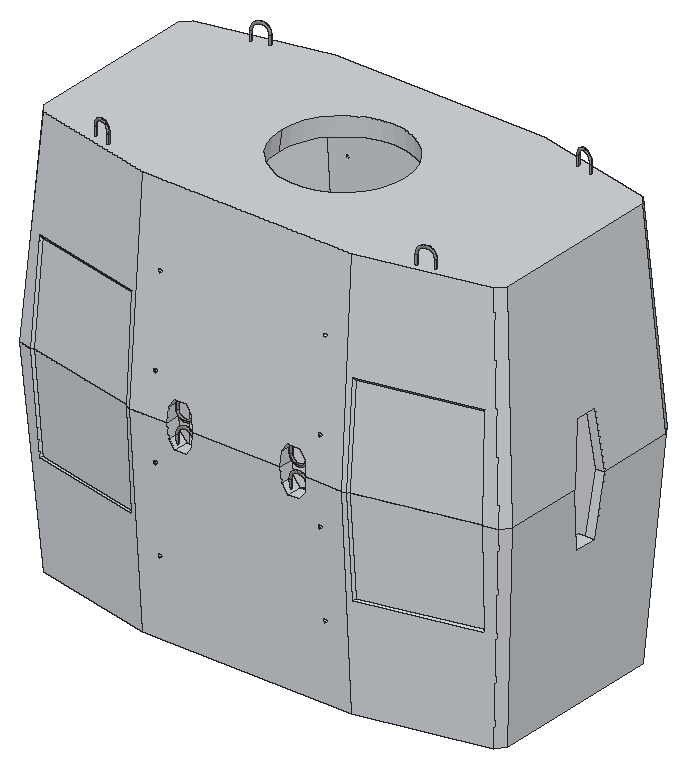
Revit family "110101-00064  Колодец ККСр-4-80 ГЕК-ССД", category Обобщенные модели, Revit 2019 (continued)
Definition of nested family "110101-00061  Колодец ККСр-4-80ВВерх"
  Automatic sketch dimensions
    Sweep 26 sketch curve to plane 1 "По центру (Вперед/Назад)" = 612.871 mm
    Blend 27 sketch curve to Blend 27 sketch curve = 10.53 mm  (x2)
    Blend 27 sketch curve to Blend 27 sketch curve = 558.94 mm
    Blend 27 sketch curve to Blend 27 sketch curve = 487.168 mm
    Blend 27 sketch curve to Blend 27 sketch curve = 10.314 mm  (x2)
    Blend 27 sketch curve to Blend 27 sketch curve = 539.372 mm
    Blend 27 sketch curve to Blend 27 sketch curve = 477.168 mm
    Blend 28 sketch curve to Blend 28 sketch curve = 10.53 mm  (x2)
    Blend 28 sketch curve to Blend 28 sketch curve = 558.94 mm
    Blend 28 sketch curve to Blend 28 sketch curve = 487.168 mm
    Blend 28 sketch curve to Blend 28 sketch curve = 10.314 mm  (x2)
    Blend 28 sketch curve to Blend 28 sketch curve = 539.372 mm
    Blend 28 sketch curve to Blend 28 sketch curve = 477.168 mm
    Blend 29 sketch curve to Blend 29 sketch curve = 10.53 mm  (x2)
    Blend 29 sketch curve to Blend 29 sketch curve = 558.94 mm
    Blend 29 sketch curve to Blend 29 sketch curve = 487.168 mm
    Blend 29 sketch curve to Blend 29 sketch curve = 10.314 mm  (x2)
    Blend 29 sketch curve to Blend 29 sketch curve = 539.372 mm
    Blend 29 sketch curve to Blend 29 sketch curve = 477.168 mm
    plane 1 "По центру (Вперед/Назад)" to Extrusion 30 sketch curve = 46.629 mm
    plane 1 "По центру (Вперед/Назад)" to Extrusion 30 sketch curve = 70.598 mm
    plane 1 "По центру (Вперед/Назад)" to Extrusion 30 sketch curve = 78.157 mm
    Extrusion 30 sketch curve to Extrusion 30 sketch curve = 160.575 mm
    Extrusion 30 sketch curve to Extrusion 30 sketch curve = 189.872 mm
    Extrusion 30 sketch curve to Extrusion 30 sketch curve = 183.273 mm
    Extrusion 30 sketch curve to Extrusion 30 sketch curve = 256.727 mm
    plane 1 "По центру (Вперед/Назад)" to Extrusion 31 sketch curve = 46.629 mm
    plane 1 "По центру (Вперед/Назад)" to Extrusion 31 sketch curve = 70.598 mm
    plane 1 "По центру (Вперед/Назад)" to Extrusion 31 sketch curve = 78.157 mm
    Extrusion 31 sketch curve to Extrusion 31 sketch curve = 160.575 mm
    Extrusion 31 sketch curve to Extrusion 31 sketch curve = 189.872 mm
    Extrusion 31 sketch curve to Extrusion 31 sketch curve = 256.727 mm
    Extrusion 31 sketch curve to Extrusion 31 sketch curve = 183.273 mm
    Extrusion 32 sketch curve to level = 0 mm
    Extrusion 32 sketch curve to plane 3 "По центру (Влево/Вправо)" = 212 mm
    level to Extrusion 32 sketch curve = 70 mm  (x2)
    Extrusion 32 sketch curve to Extrusion 32 sketch curve = 5 mm  (x2)
    Extrusion 32 sketch curve to Extrusion 32 sketch curve = 30 mm  (x2)
    level to Extrusion 32 sketch curve = 110 mm
    Extrusion 32 sketch curve to Extrusion 32 sketch curve = 55 mm
    Extrusion 33 sketch curve to level = 0 mm
    Extrusion 33 sketch curve to plane 3 "По центру (Влево/Вправо)" = 212 mm
    level to Extrusion 33 sketch curve = 70 mm  (x2)
    Extrusion 33 sketch curve to Extrusion 33 sketch curve = 5 mm  (x2)
    Extrusion 33 sketch curve to Extrusion 33 sketch curve = 30 mm  (x2)
    level to Extrusion 33 sketch curve = 110 mm
    Extrusion 33 sketch curve to Extrusion 33 sketch curve = 55 mm
    Extrusion 34 sketch curve to level = 0 mm
    plane 3 "По центру (Влево/Вправо)" to Extrusion 34 sketch curve = 212 mm
    level to Extrusion 34 sketch curve = 70 mm  (x2)
    Extrusion 34 sketch curve to Extrusion 34 sketch curve = 5 mm  (x2)
    Extrusion 34 sketch curve to Extrusion 34 sketch curve = 30 mm  (x2)
    level to Extrusion 34 sketch curve = 110 mm
    Extrusion 34 sketch curve to Extrusion 34 sketch curve = 55 mm
    level to Sweep 35 sketch curve = 55.368 mm
    Sweep 35 sketch curve to plane 3 "По центру (Влево/Вправо)" = 234.556 mm
    Sweep 35 sketch curve to Sweep 35 sketch curve = 40 mm
    Sweep 35 sketch curve to Sweep 35 sketch curve = 45 mm  (x2)
    Sweep 35 sketch curve to profile plane = 0 mm
    Sweep 35 sketch curve to plane 1 "По центру (Вперед/Назад)" = 612.871 mm
    level to Sweep 36 sketch curve = 55.368 mm
    Sweep 36 sketch curve to plane 3 "По центру (Влево/Вправо)" = 234.556 mm
    Sweep 36 sketch curve to Sweep 36 sketch curve = 40 mm
    Sweep 36 sketch curve to Sweep 36 sketch curve = 45 mm  (x2)
    Sweep 36 sketch curve to profile plane = 0 mm
    Sweep 36 sketch curve to profile plane = 612.871 mm
    level to Sweep 37 sketch curve = 55.368 mm
    plane 3 "По центру (Влево/Вправо)" to Sweep 37 sketch curve = 234.556 mm
    Sweep 37 sketch curve to Sweep 37 sketch curve = 40 mm
    Sweep 37 sketch curve to Sweep 37 sketch curve = 45 mm  (x2)
    Sweep 37 sketch curve to profile plane = 0 mm
    Sweep 37 sketch curve to profile plane = 612.871 mm
    plane 1 "По центру (Вперед/Назад)" to Blend 38 sketch curve = 0 mm  (x2)
    Blend 38 sketch curve to plane 3 "По центру (Влево/Вправо)" = 0 mm  (x2)
    Sweep 39 sketch curve to plane 8 = 0 mm  (x2)
    plane 8 to Sweep 39 sketch curve = 45 mm
    Sweep 39 sketch curve to Sweep 39 sketch curve = 40 mm
    profile plane to Sweep 39 sketch curve = 0 mm
    Sweep 39 sketch curve to profile plane = 475.608 mm
    Sweep 40 sketch curve to plane 8 = 0 mm  (x2)
    plane 8 to Sweep 40 sketch curve = 45 mm
    Sweep 40 sketch curve to Sweep 40 sketch curve = 40 mm
    Sweep 40 sketch curve to profile plane = 0 mm
    Sweep 40 sketch curve to profile plane = 475.608 mm
    plane 8 to Sweep 41 sketch curve = 0 mm  (x2)
    plane 8 to Sweep 41 sketch curve = 45 mm
    Sweep 41 sketch curve to Sweep 41 sketch curve = 40 mm
    Sweep 41 sketch curve to profile plane = 0 mm
    Sweep 41 sketch curve to profile plane = 475.608 mm
    plane 8 to Sweep 42 sketch curve = 0 mm  (x2)
    plane 8 to Sweep 42 sketch curve = 45 mm
    Sweep 42 sketch curve to Sweep 42 sketch curve = 40 mm
    profile plane to Sweep 42 sketch curve = 0 mm
    Sweep 42 sketch curve to profile plane = 475.608 mm
    radius of Blend 7 sketch curve = 9.5 mm  (x2)
    radius of Blend 8 sketch curve = 6.5 mm  (x2)
    radius of Blend 9 sketch curve = 9.5 mm  (x2)
    radius of Blend 10 sketch curve = 6.5 mm  (x2)
    radius of Blend 11 sketch curve = 9.5 mm  (x2)
    radius of Blend 12 sketch curve = 6.5 mm  (x2)
    radius of Blend 13 sketch curve = 9.5 mm  (x2)
    radius of Blend 14 sketch curve = 6.5 mm  (x2)
    radius of Blend 15 sketch curve = 9.5 mm  (x2)
    radius of Blend 16 sketch curve = 6.5 mm  (x2)
    radius of Blend 17 sketch curve = 9.5 mm  (x2)
    radius of Blend 18 sketch curve = 6.5 mm  (x2)
    radius of Blend 19 sketch curve = 9.5 mm  (x2)
    radius of Blend 20 sketch curve = 6.5 mm  (x2)
    radius of Blend 21 sketch curve = 9.5 mm  (x2)
    radius of Blend 22 sketch curve = 6.5 mm  (x2)
    radius of Sweep 26 sketch curve = 5 mm
    radius of Sweep 35 sketch curve = 5 mm
    radius of Sweep 36 sketch curve = 5 mm
    radius of Sweep 37 sketch curve = 5 mm
    radius of Blend 38 sketch curve = 315 mm
    radius of Blend 38 sketch curve = 300 mm
    radius of Sweep 39 sketch curve = 5 mm
    radius of Sweep 40 sketch curve = 5 mm
    radius of Sweep 41 sketch curve = 5 mm
    radius of Sweep 42 sketch curve = 5 mm
